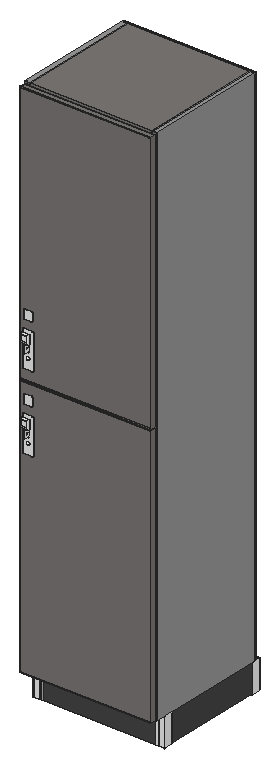
Revit family "Wood_Lockers_Hasps-Salsbury_Industries-18_42000_Series-1_Wide_Units", category Specialty Equipment, Revit 2026 (continued)
Definition of nested family "Wood Locker Side Panels-No Slope"
  Forms (in)
    Extrusion 2, solid, material <- "Laminate Surface", visible <- "Visible"
      sketch origin (0, -0.375, 0) x (1, 0, 0) y (0, 0, 1)
        loop
          line (-11.8125, 72) -> (-11.8125, 0) -> (11.8125, 0) -> (11.8125, 72) -> (-11.8125, 72)
      from -0.031 to 0
    Extrusion 3, solid, material <- "Laminate Surface", visible <- "Visible"
      sketch origin (0, 0, 0) x (1, 0, 0) y (0, 0, 1)
        loop
          line (-11.8125, 0) -> (11.8125, 0) -> (11.8125, 72) -> (-11.8125, 72) -> (-11.8125, 0)
        loop
          line (-11.7815, 0.031) -> (11.7815, 0.031) -> (11.7815, 71.969) -> (-11.7815, 71.969) -> (-11.7815, 0.031)
      from -0.375 to 0.344
  Dimensions and locks (in)
    equal spacing: plane 6 "Left Side", plane 3 "Center (Left/Right)", plane 7 "Right Side"
    plane 5 "Front" to plane 1 "Center (Front/Back)" to plane 4 "Back" = 0.375", 0.375"
    "Width": plane 6 "Left Side" to plane 7 "Right Side"
    "Depth": plane 5 "Front" to plane 4 "Back"
    equal spacing: plane 9 "Top", plane 10 "Center Elevation", plane 8 "Bottom"
    "Height": plane 9 "Top" to plane 8 "Bottom"
    locked: plane 5 "Front" to plane 11 "Wood - Laminate Edge" at 0.031
    locked: plane 15 "Bottom of Wood" to plane 8 "Bottom" at 0.031
    locked: plane 12 "Right Side of Wood" to plane 7 "Right Side" at 0.031
    locked: plane 6 "Left Side" to plane 13 "Left Side of Wood" at 0.031
    locked: plane 9 "Top" to plane 14 "Top of Wood" at 0.031
    aligned and locked: level to plane 2
    aligned and locked: Extrusion 2 sketch curve to plane 7 "Right Side"
    aligned and locked: plane 8 "Bottom" to Extrusion 2 sketch curve
    aligned and locked: plane 6 "Left Side" to Extrusion 2 sketch curve
    aligned and locked: plane 9 "Top" to Extrusion 2 sketch curve
    aligned and locked: Extrusion 3 to plane 4 "Back"
    aligned and locked: plane 11 "Wood - Laminate Edge" to Extrusion 3
  Automatic sketch dimensions
    plane 13 "Left Side of Wood" to Extrusion 1 sketch curve = 0.000"
    plane 12 "Right Side of Wood" to Extrusion 1 sketch curve = 0.000"
    Extrusion 1 sketch curve to plane 15 "Bottom of Wood" = 0.000"
    Extrusion 1 sketch curve to plane 14 "Top of Wood" = 0.000"
    plane 13 "Left Side of Wood" to Extrusion 3 sketch curve = 0.000"
    Extrusion 3 sketch curve to level = 0.000"
    plane 13 "Left Side of Wood" to Extrusion 3 sketch curve = 0.031"
    plane 12 "Right Side of Wood" to Extrusion 3 sketch curve = 0.000"
    plane 7 "Right Side" to Extrusion 3 sketch curve = 0.000"
    Extrusion 3 sketch curve to plane 15 "Bottom of Wood" = 0.000"
    Extrusion 3 sketch curve to plane 14 "Top of Wood" = 0.000"
    Extrusion 3 sketch curve to plane 9 "Top" = 0.000"
Definition of nested family "Wood Locker Side Panels-With Slope"
  Parameters (values of type "44238 - 6' H for 24" D Lockers")
    Width = 23.625"
    Visible = yes
    Version = "1.0 (12/15/23)"
    Type Comments = "Side Panel for Premier Wood Lockers with Sloping Hood"
    Slope Height = 8.608"
    Model = "44238"
    Manufacturer = "Salsbury Industries"
    Laminate Surface = none
    Height = 72.153"
    Door Trim = none
    Description = "6' H for 24\" D Lockers"
    Depth = 0.750"
    Default Elevation = 0.000"
  Types (6): name | Width | Visible | Version | Type Comments | Slope Height | Model | Manufacturer | Height | Description
    (no name) | 23.625" | yes | "1.0 (12/15/23)" | "Side Panel for Premier Wood Lockers with Sloping Hood" | 8.608" | "44238" | "Salsbury Industries" | 72.153" | "6' H for 24\" D Lockers"
    44334 - 6' H  for 18" D Lockers | 17.625" | yes | "1.0 (12/15/23)" | "Side Panel for Premier Wood Lockers with Sloping Hood" | 6.806" | "44334" | "Salsbury Industries" | 72.062" | "6' H for 18\" D Lockers"
    44336 - 6' H for 21" D Lockers | 20.625" | yes | "1.0 (12/15/23)" | "Side Panel for Premier Wood Lockers with Sloping Hood" | 7.931" | "44336" | "Salsbury Industries" | 72.062" | "6' H for 21\" D Lockers"
    None | 14.625" | no | "" | "" | 5.681" | "" | "" | 72.062" | ""
    44339 - 6' H for 15" D Lockers | 14.625" | yes | "1.0 (12/15/23)" | "Side Panel for Premier Wood Lockers with Sloping Hood" | 5.681" | "44339" | "Salsbury Industries" | 72.062" | "6' H for 15\" D Lockers"
    44238 - 6' H for 24" D Lockers | 23.625" | yes | "1.0 (12/15/23)" | "Side Panel for Premier Wood Lockers with Sloping Hood" | 8.608" | "44238" | "Salsbury Industries" | 72.153" | "6' H for 24\" D Lockers"
  Reference planes (in)
    plane 1 "Center (Front/Back)": y = 0
    plane 2: z = 0
    plane 3 "Center (Left/Right)": x = 0
    plane 4 "Back": y = 0.375
    plane 5 "Front": y = -0.375
    plane 6 "Left Side": x = -11.8125
    plane 7 "Right Side": x = 11.8125
    plane 8 "Bottom": z = 0
    plane 9 "Top": z = 72.153
    plane 10 "Center Elevation": z = 36.0765
    plane 11 "Wood - Laminate Edge": y = -0.344
    plane 12 "Right Side of Wood": x = 11.7815
    plane 13 "Left Side of Wood": x = -11.7815
    plane 14 "Top of Wood": z = 72.028
    plane 15 "Bottom of Wood": z = 0.031
    plane 16: z = 80.761
    plane 17: z = 80.636
  Forms (in)
    Extrusion 1, solid, visible <- "Visible"
      sketch origin (0, 0.375, 0) x (1, 0, 0) y (0, 0, 1)
        loop
          line (-11.8125, 80.73) -> (-11.8125, 0) -> (11.7815, 0) -> (11.7815, 72.13387) -> (-11.8125, 80.73)
      from 0 to 0.719
    Extrusion 2, solid, material <- "Laminate Surface", visible <- "Visible"
      sketch origin (0, -0.375, 0) x (1, 0, 0) y (0, 0, 1)
        loop
          line (-11.8125, 0) -> (11.8125, 0) -> (11.8125, 72.153) -> (-11.8125, 80.761) -> (-11.8125, 0)
      from -0.031 to 0
    Extrusion 3, solid, material <- "Laminate Surface", visible <- "Visible"
      sketch origin (0, -0.375, 0) x (1, 0, 0) y (0, 0, 1)
        loop
          line (11.8125, 0) -> (11.8125, 72.153) -> (-11.8125, 80.761) -> (-11.8125, 80.73) -> (11.7815, 72.13387) -> (11.7815, 0) -> (11.8125, 0)
      from -0.031 to -0.75
  Dimensions and locks (in)
    equal spacing: plane 6 "Left Side", plane 3 "Center (Left/Right)", plane 7 "Right Side"
    plane 5 "Front" to plane 1 "Center (Front/Back)" to plane 4 "Back" = 0.375", 0.375"
    "Width": plane 6 "Left Side" to plane 7 "Right Side"
    "Depth": plane 5 "Front" to plane 4 "Back"
    equal spacing: plane 9 "Top", plane 10 "Center Elevation", plane 8 "Bottom"
    "Height": plane 9 "Top" to plane 8 "Bottom"
    locked: plane 5 "Front" to plane 11 "Wood - Laminate Edge" at 0.031
    locked: plane 15 "Bottom of Wood" to plane 8 "Bottom" at 0.031
    locked: plane 12 "Right Side of Wood" to plane 7 "Right Side" at 0.031
    locked: plane 6 "Left Side" to plane 13 "Left Side of Wood" at 0.031
    locked: plane 9 "Top" to plane 14 "Top of Wood" at 0.125
    "Slope Height": plane 16 to plane 9 "Top"
    locked: plane 16 to plane 17 at 0.125
    aligned and locked: level to plane 2
    aligned and locked: Extrusion 3 to plane 4 "Back"
    aligned and locked: plane 11 "Wood - Laminate Edge" to Extrusion 3
  Automatic sketch dimensions
    plane 6 "Left Side" to Extrusion 2 sketch curve = 0.000"
    plane 7 "Right Side" to Extrusion 2 sketch curve = 0.000"
    Extrusion 2 sketch curve to level = 0.000"
    Extrusion 2 sketch curve to plane 9 "Top" = 0.000"
    Extrusion 2 sketch curve to plane 16 = 0.000"
    Extrusion 1 sketch curve to level = 0.000"
    plane 6 "Left Side" to Extrusion 1 sketch curve = 0.000"
    plane 12 "Right Side of Wood" to Extrusion 1 sketch curve = 0.000"
    plane 9 "Top" to Extrusion 1 sketch curve = 0.01913"
    plane 6 "Left Side" to Extrusion 3 sketch curve = 0.000"
    plane 12 "Right Side of Wood" to Extrusion 3 sketch curve = 0.000"
    plane 7 "Right Side" to Extrusion 3 sketch curve = 0.000"
    Extrusion 3 sketch curve to level = 0.000"
    Extrusion 3 sketch curve to plane 9 "Top" = 0.000"
    Extrusion 3 sketch curve to plane 16 = 0.000"
    plane 9 "Top" to Extrusion 3 sketch curve = 0.01913"
    plane 16 to Extrusion 3 sketch curve = 0.031"
    plane 16 to Extrusion 1 sketch curve = 0.031"
Definition of nested family "Wood Locker Double Side Panels-No Slope"
  Parameters (values of type "44237DE - 6' H for 24"D Lockers")
    Width = 47.250"
    Visible = yes
    Version = "1.0 (12/15/23)"
    Type Comments = "Double End Panel for Premier Wood Lockers"
    Model = "44237DE"
    Manufacturer = "Salsbury Industries"
    Laminate Surface = none
    Height = 72.000"
    Door Trim = none
    Description = "For 6' H x 21\" D without Sloping Hood"
    Depth = 0.750"
    Default Elevation = 0.000"
  Types (6): name | Width | Visible | Version | Type Comments | Model | Manufacturer | Description
    (no name) | 47.250" | yes | "1.0 (12/15/23)" | "Double End Panel for Premier Wood Lockers" | "44237DE" | "Salsbury Industries" | "For 6' H x 21\" D without Sloping Hood"
    44330DE - 6' H for 15"D Lockers | 29.250" | yes | "1.0 (12/15/23)" | "Double End Panel for Premier Wood Lockers" | "44330DE" | "Salsbury Industries" | "For 6' H x 15\" D without Sloping Hood"
    44333DE - 6' H for 18" D Lockers | 35.250" | yes | "1.0 (12/15/23)" | "Double End Panel for Premier Wood Lockers" | "44333DE" | "Salsbury Industries" | "For 6' H x 18\" D without Sloping Hood"
    44335DE - 6' H for 21" D Lockers | 41.250" | yes | "1.0 (12/15/23)" | "Double End Panel for Premier Wood Lockers" | "44335DE" | "Salsbury Industries" | "For 6' H x 21\" D without Sloping Hood"
    None | 14.000" | no | "" | "" | "" | "" | ""
    44237DE - 6' H for 24"D Lockers | 47.250" | yes | "1.0 (12/15/23)" | "Double End Panel for Premier Wood Lockers" | "44237DE" | "Salsbury Industries" | "For 6' H x 21\" D without Sloping Hood"
  Reference planes (in)
    plane 1 "Center (Front/Back)": y = 0
    plane 2: z = 0
    plane 3 "Center (Left/Right)": x = 0
    plane 4 "Back": y = 0.375
    plane 5 "Front": y = -0.375
    plane 6 "Left Side": x = -23.625
    plane 7 "Right Side": x = 23.625
    plane 8 "Bottom": z = 0
    plane 9 "Top": z = 72
    plane 10 "Center Elevation": z = 36
    plane 11 "Wood - Laminate Edge": y = -0.344
    plane 12 "Right Side of Wood": x = 23.594
    plane 13 "Left Side of Wood": x = -23.594
    plane 14 "Top of Wood": z = 71.969
    plane 15 "Bottom of Wood": z = 0.031
  Forms (in)
    Extrusion 1, solid, visible <- "Visible"
      sketch origin (0, 0.375, 0) x (1, 0, 0) y (0, 0, 1)
        loop
          line (23.594, 71.969) -> (-23.594, 71.969) -> (-23.594, 0.031) -> (23.594, 0.031) -> (23.594, 71.969)
      from 0 to 0.719
    Extrusion 2, solid, material <- "Laminate Surface", visible <- "Visible"
      sketch origin (0, -0.375, 0) x (1, 0, 0) y (0, 0, 1)
        loop
          line (-23.625, 72) -> (-23.625, 0) -> (23.625, 0) -> (23.625, 72) -> (-23.625, 72)
      from -0.031 to 0
    Extrusion 3, solid, material <- "Laminate Surface", visible <- "Visible"
      sketch origin (0, 0, 0) x (1, 0, 0) y (0, 0, 1)
        loop
          line (-23.625, 0) -> (23.625, 0) -> (23.625, 72) -> (-23.625, 72) -> (-23.625, 0)
        loop
          line (23.594, 71.969) -> (-23.594, 71.969) -> (-23.594, 0.031) -> (23.594, 0.031) -> (23.594, 71.969)
      from -0.375 to 0.344
  Dimensions and locks (in)
    equal spacing: plane 6 "Left Side", plane 3 "Center (Left/Right)", plane 7 "Right Side"
    plane 5 "Front" to plane 1 "Center (Front/Back)" to plane 4 "Back" = 0.375", 0.375"
    "Width": plane 6 "Left Side" to plane 7 "Right Side"
    "Depth": plane 5 "Front" to plane 4 "Back"
    equal spacing: plane 9 "Top", plane 10 "Center Elevation", plane 8 "Bottom"
    "Height": plane 9 "Top" to plane 8 "Bottom"
    locked: plane 5 "Front" to plane 11 "Wood - Laminate Edge" at 0.031
    locked: plane 15 "Bottom of Wood" to plane 8 "Bottom" at 0.031
    plane 12 "Right Side of Wood" to plane 7 "Right Side" = 0.031"
    locked: plane 6 "Left Side" to plane 13 "Left Side of Wood" at 0.031
    locked: plane 9 "Top" to plane 14 "Top of Wood" at 0.031
    aligned and locked: level to plane 2
    aligned and locked: Extrusion 2 sketch curve to plane 8 "Bottom"
    aligned and locked: plane 6 "Left Side" to Extrusion 2 sketch curve
    aligned and locked: Extrusion 2 sketch curve to plane 7 "Right Side"
    aligned and locked: Extrusion 2 sketch curve to plane 9 "Top"
    aligned and locked: Extrusion 3 to plane 4 "Back"
    aligned and locked: plane 11 "Wood - Laminate Edge" to Extrusion 3
  Automatic sketch dimensions
    plane 13 "Left Side of Wood" to Extrusion 1 sketch curve = 0.000"
    plane 12 "Right Side of Wood" to Extrusion 1 sketch curve = 0.000"
    Extrusion 1 sketch curve to plane 15 "Bottom of Wood" = 0.000"
    Extrusion 1 sketch curve to plane 14 "Top of Wood" = 0.000"
    Extrusion 3 sketch curve to level = 0.000"
    plane 6 "Left Side" to Extrusion 3 sketch curve = 0.000"
    plane 7 "Right Side" to Extrusion 3 sketch curve = 0.000"
    Extrusion 3 sketch curve to plane 9 "Top" = 0.000"
    plane 13 "Left Side of Wood" to Extrusion 3 sketch curve = 0.000"
    Extrusion 3 sketch curve to plane 15 "Bottom of Wood" = 0.000"
    Extrusion 3 sketch curve to plane 14 "Top of Wood" = 0.000"
    plane 12 "Right Side of Wood" to Extrusion 3 sketch curve = 0.000"
Definition of nested family "Wood Locker Double Side Panels-With Slope"
  Parameters (values of type "44238DE - 6' H for 24"D Lockers")
    Width = 47.250"
    Visible = yes
    Version = "1.0 (12/15/23)"
    Type Comments = "Double End Panel for Premier Wood Lockers"
    Slope Height = 8.895"
    Model = "442386DE"
    Manufacturer = "Salsbury Industries"
    Laminate Surface = none
    Height = 72.153"
    Door Trim = none
    Description = "For 6' H x 21\" D Lockers with Sloping Hood"
    Depth = 0.750"
    Default Elevation = 0.000"
  Types (6): name | Width | Visible | Version | Type Comments | Slope Height | Model | Manufacturer | Height | Description
    (no name) | 47.250" | yes | "1.0 (12/15/23)" | "Double End Panel for Premier Wood Lockers" | 8.895" | "442386DE" | "Salsbury Industries" | 72.153" | "For 6' H x 21\" D Lockers with Sloping Hood"
    44339DE - 6' H for 15"D Lockers | 29.250" | yes | "1.0 (12/15/23)" | "Double End Panel for Premier Wood Lockers" | 5.681" | "44339DE" | "Salsbury Industries" | 72.062" | "For 6' H x 15\" D Lockers with Sloping Hood"
    44334DE - 6' H  for 18" D Lockers | 35.250" | yes | "1.0 (12/15/23)" | "Double End Panel for Premier Wood Lockers" | 6.806" | "44334DE" | "Salsbury Industries" | 72.062" | "For 6' H x 18\" D Lockers with Sloping Hood"
    44336DE - 6' H for 21" D Lockers | 41.250" | yes | "1.0 (12/15/23)" | "Double End Panel for Premier Wood Lockers" | 7.931" | "44336DE" | "Salsbury Industries" | 72.062" | "For 6' H x 21\" D Lockers with Sloping Hood"
    None | 14.000" | no | "" | "" | 5.500" | "" | "" | 72.000" | ""
    44238DE - 6' H for 24"D Lockers | 47.250" | yes | "1.0 (12/15/23)" | "Double End Panel for Premier Wood Lockers" | 8.895" | "442386DE" | "Salsbury Industries" | 72.153" | "For 6' H x 21\" D Lockers with Sloping Hood"
  Reference planes (in)
    plane 1 "Center (Front/Back)": y = 0
    plane 2: z = 0
    plane 3 "Center (Left/Right)": x = 0
    plane 4 "Back": y = 0.375
    plane 5 "Front": y = -0.375
    plane 6 "Left Side": x = -23.625
    plane 7 "Right Side": x = 23.625
    plane 8 "Bottom": z = 0
    plane 9 "Top": z = 72.153
    plane 10 "Center Elevation": z = 36.0765
    plane 11 "Wood - Laminate Edge": y = -0.344
    plane 12 "Right Side of Wood": x = 23.594
    plane 13 "Left Side of Wood": x = -23.594
    plane 14 "Top of Wood": z = 72.028
    plane 15 "Bottom of Wood": z = 0.125
    plane 16: z = 81.048
    plane 17: z = 81.017
  Forms (in)
    Extrusion 1, solid, visible <- "Visible"
      sketch origin (0, 0.375, 0) x (1, 0, 0) y (0, 0, 1)
        loop
          line (23.594, 72.122) -> (0, 81.017) -> (-23.594, 72.122) -> (-23.594, 0) -> (23.594, 0) -> (23.594, 72.122)
      from 0 to 0.719
    Extrusion 2, solid, material <- "Laminate Surface", visible <- "Visible"
      sketch origin (0, -0.375, 0) x (1, 0, 0) y (0, 0, 1)
        loop
          line (23.625, 0) -> (23.625, 72.153) -> (0, 81.048) -> (-23.625, 72.153) -> (-23.625, 0) -> (23.625, 0)
      from -0.031 to 0
    Extrusion 3, solid, material <- "Laminate Surface", visible <- "Visible"
      sketch origin (0, 0.375, 0) x (1, 0, 0) y (0, 0, 1)
        loop
          line (23.625, 0) -> (23.625, 72.153) -> (0, 81.048) -> (-23.625, 72.153) -> (-23.625, 0) -> (-23.594, 0) -> (-23.594, 72.122) -> (0, 81.017) -> (23.594, 72.122) -> (23.594, 0) -> (23.625, 0)
      from 0 to 0.719
  Dimensions and locks (in)
    equal spacing: plane 6 "Left Side", plane 3 "Center (Left/Right)", plane 7 "Right Side"
    plane 5 "Front" to plane 1 "Center (Front/Back)" to plane 4 "Back" = 0.375", 0.375"
    "Width": plane 6 "Left Side" to plane 7 "Right Side"
    "Depth": plane 5 "Front" to plane 4 "Back"
    equal spacing: plane 9 "Top", plane 10 "Center Elevation", plane 8 "Bottom"
    "Height": plane 9 "Top" to plane 8 "Bottom"
    locked: plane 5 "Front" to plane 11 "Wood - Laminate Edge" at 0.031
    locked: plane 15 "Bottom of Wood" to plane 8 "Bottom" at 0.125
    locked: plane 12 "Right Side of Wood" to plane 7 "Right Side" at 0.031
    locked: plane 6 "Left Side" to plane 13 "Left Side of Wood" at 0.031
    locked: plane 9 "Top" to plane 14 "Top of Wood" at 0.125
    "Slope Height": plane 16 to plane 9 "Top"
    locked: plane 16 to plane 17 at 0.031
    aligned and locked: level to plane 2
    aligned and locked: Extrusion 3 to plane 4 "Back"
    aligned and locked: plane 11 "Wood - Laminate Edge" to Extrusion 3
  Automatic sketch dimensions
    plane 6 "Left Side" to Extrusion 2 sketch curve = 0.000"
    Extrusion 2 sketch curve to plane 3 "Center (Left/Right)" = 0.000"
    plane 7 "Right Side" to Extrusion 2 sketch curve = 0.000"
    Extrusion 2 sketch curve to level = 0.000"
    Extrusion 2 sketch curve to plane 9 "Top" = 0.000"  (x2)
    Extrusion 2 sketch curve to plane 16 = 0.000"
    Extrusion 1 sketch curve to level = 0.000"
    plane 13 "Left Side of Wood" to Extrusion 1 sketch curve = 0.000"
    Extrusion 1 sketch curve to plane 3 "Center (Left/Right)" = 0.000"
    plane 12 "Right Side of Wood" to Extrusion 1 sketch curve = 0.000"
    Extrusion 1 sketch curve to plane 17 = 0.000"
    plane 9 "Top" to Extrusion 1 sketch curve = 0.031"  (x2)
    Extrusion 3 sketch curve to level = 0.000"  (x2)
    plane 6 "Left Side" to Extrusion 3 sketch curve = 0.000"
    plane 13 "Left Side of Wood" to Extrusion 3 sketch curve = 0.000"
    Extrusion 3 sketch curve to plane 3 "Center (Left/Right)" = 0.000"  (x2)
    plane 12 "Right Side of Wood" to Extrusion 3 sketch curve = 0.000"
    plane 7 "Right Side" to Extrusion 3 sketch curve = 0.000"
    Extrusion 3 sketch curve to plane 9 "Top" = 0.000"  (x2)
    plane 9 "Top" to Extrusion 3 sketch curve = 0.031"  (x2)
    Extrusion 3 sketch curve to plane 17 = 0.000"
    Extrusion 3 sketch curve to plane 16 = 0.000"
Definition of nested family "Wood Locker Front Fillers"
  Parameters (values of type "44467 - 15" W for 6'H Lockers without Base")
    Width = 15.000"
    Visible Base = no
    Visible = yes
    Version = "1.0 (12/15/23)"
    Type Comments = "Front Vertical Filler for Premier Wood Lockers"
    Model = "44467"
    Manufacturer = "Salsbury Industries"
    Laminate Surface = none
    Height = 72.000"
    Description = "For 6' H Lockers"
    Depth = 0.750"
    Default Elevation = 0.000"
    Base Material = none
    Base Height = 0.000"
  Types (3): name | Width | Visible | Version | Type Comments | Model | Manufacturer | Description | Base Height
    None | 15.000" | no | "" | "" | "" | "" | "" | 4.000"
    44467 - 15" W for 6'H Lockers without Base | 15.000" | yes | "1.0 (12/15/23)" | "Front Vertical Filler for Premier Wood Lockers" | "44467" | "Salsbury Industries" | "For 6' H Lockers" | 0.000"
    44469 - 9" W for 6' H Lockers without Base | 9.000" | yes | "1.0 (12/15/23)" | "Front Vertical Filler for Premier Wood Lockers" | "44469" | "Salsbury Industries" | "For 6' H Lockers" | 0.000"
  Reference planes (in)
    plane 1 "Center (Front/Back)": y = 0
    plane 2: z = 0
    plane 3 "Center (Left/Right)": x = 0
    plane 4 "Back": y = 0.375
    plane 5 "Front": y = -0.375
    plane 6 "Left Side": x = -7.5
    plane 7 "Right Side": x = 7.5
    plane 8 "Bottom": z = 0
    plane 9 "Top": z = 72
    plane 10 "Center Elevation": z = 36
    plane 11 "Wood - Laminate Edge": y = -0.344
    plane 12 "Right Side of Wood": x = 7.375
    plane 13 "Left Side of Wood": x = -7.375
    plane 14 "Top of Wood": z = 71.875
    plane 15 "Bottom of Wood": z = 0.125
    plane 16 "Front of Base Filler": y = 1
  Forms (in)
    Extrusion 1, solid, visible <- "Visible"
      sketch origin (0, 0.375, 0) x (1, 0, 0) y (0, 0, 1)
        loop
          line (7.5, 72) -> (-7.5, 72) -> (-7.5, 0) -> (7.5, 0) -> (7.5, 72)
      from 0 to 0.719
    Extrusion 2, solid, material <- "Laminate Surface", visible <- "Visible"
      sketch origin (0, -0.375, 0) x (1, 0, 0) y (0, 0, 1)
        loop
          line (-7.5, 72) -> (-7.5, 0) -> (7.5, 0) -> (7.5, 72) -> (-7.5, 72)
      from -0.031 to 0
    Extrusion 3, solid, material <- "Base Material", visible <- "Visible Base"
      sketch origin (0, 0, 0) x (1, 0, 0) y (0, 1, 0)
        loop
          line (-7.5, 1.75) -> (-7.5, 0.375) -> (7.5, 0.375) -> (7.5, 1.75) -> (-7.5, 1.75)
      from 0 to 0.75
    Extrusion 4, solid, material <- "Base Material", visible <- "Visible Base"
      sketch origin (0, 0, 0) x (1, 0, 0) y (0, 1, 0)
        loop
          line (-7.5, 1.75) -> (-7.5, 1) -> (7.5, 1) -> (7.5, 1.75) -> (-7.5, 1.75)
      from 0 to -4
  Dimensions and locks (in)
    equal spacing: plane 6 "Left Side", plane 3 "Center (Left/Right)", plane 7 "Right Side"
    plane 5 "Front" to plane 1 "Center (Front/Back)" to plane 4 "Back" = 0.375", 0.375"
    "Width": plane 6 "Left Side" to plane 7 "Right Side"
    "Depth": plane 5 "Front" to plane 4 "Back"
    equal spacing: plane 9 "Top", plane 10 "Center Elevation", plane 8 "Bottom"
    locked: plane 5 "Front" to plane 11 "Wood - Laminate Edge" at 0.031
    locked: plane 15 "Bottom of Wood" to plane 8 "Bottom" at 0.125
    locked: plane 12 "Right Side of Wood" to plane 7 "Right Side" at 0.125
    locked: plane 6 "Left Side" to plane 13 "Left Side of Wood" at 0.125
    locked: plane 9 "Top" to plane 14 "Top of Wood" at 0.125
    locked: plane 5 "Front" to plane 16 "Front of Base Filler" at 1.375
    "Base Height": plane 8 "Bottom" to plane 2
    "Height": plane 9 "Top" to plane 8 "Bottom"
    aligned and locked: level to plane 2
    aligned and locked: plane 8 "Bottom" to Extrusion 1
  Automatic sketch dimensions
    plane 6 "Left Side" to Extrusion 1 sketch curve = 0.000"
    plane 7 "Right Side" to Extrusion 1 sketch curve = 0.000"
    level to Extrusion 1 sketch curve = 0.000"
    Extrusion 1 sketch curve to plane 9 "Top" = 0.000"
    plane 6 "Left Side" to Extrusion 2 sketch curve = 0.000"
    plane 7 "Right Side" to Extrusion 2 sketch curve = 0.000"
    plane 15 "Bottom of Wood" to Extrusion 2 sketch curve = 0.125"
    Extrusion 2 sketch curve to plane 9 "Top" = 0.000"
    plane 4 "Back" to Extrusion 3 sketch curve = 0.000"
    Extrusion 3 sketch curve to plane 6 "Left Side" = 0.000"
    Extrusion 3 sketch curve to plane 7 "Right Side" = 0.000"
    Extrusion 3 sketch curve to plane 16 "Front of Base Filler" = 0.750"
    Extrusion 4 sketch curve to plane 6 "Left Side" = 0.000"
    Extrusion 4 sketch curve to plane 7 "Right Side" = 0.000"
    plane 16 "Front of Base Filler" to Extrusion 4 sketch curve = 0.000"
    Extrusion 4 sketch curve to plane 16 "Front of Base Filler" = 0.750"
Definition of nested family "Wood Locker Front Corner Filler"
  Parameters (values of type "44464 - for 6' H Lockers with Base")
    Width = 2.250"
    Visible Base = yes
    Visible = yes
    Version = "1.0 (12/15/23)"
    Type Comments = "Front Vertical Corner Filler for Designer Wood Lockers"
    Primary Structure Materials = none
    Model = "44464"
    Manufacturer = "Salsbury Industries"
    Laminate Surface = none
    Height = 72.000"
    Description = "For 6' H Lockers"
    Depth = 0.750"
    Default Elevation = 0.000"
    Base Primary Materials = none
    Base Height = 4.000"
  Types (3): name | Visible Base | Visible | Version | Type Comments | Model | Manufacturer | Description | Base Height
    None | no | no | "" | "" | "" | "" | "" | 4.000"
    44464 - for 6'H Lockers without Base | no | yes | "1.0 (12/15/23)" | "Front Vertical Corner Filler for Designer Wood Lockers" | "44464" | "Salsbury Industries" | "For 6' H Lockers" | 0.000"
    44464 - for 6' H Lockers with Base | yes | yes | "1.0 (12/15/23)" | "Front Vertical Corner Filler for Designer Wood Lockers" | "44464" | "Salsbury Industries" | "For 6' H Lockers" | 4.000"
  Reference planes (in)
    plane 1 "Center (Front/Back)": y = 0
    plane 2 "Bottom of Base": z = 0
    plane 3 "Center (Left/Right)": x = 0
    plane 4 "Back": y = 0.375
    plane 5 "Front": y = -0.375
    plane 6 "Left Side": x = -1.125
    plane 7 "Right Side": x = 1.125
    plane 8 "Bottom": z = 4
    plane 9 "Top": z = 76
    plane 10 "Center Elevation": z = 40
    plane 11 "Wood - Laminate Edge": y = -0.344
    plane 12 "Right Side of Wood": x = 1
    plane 13 "Left Side of Wood": x = -1
    plane 14 "Top of Wood": z = 75.875
    plane 15 "Bottom of Wood": z = 4.125
    plane 16 "Front of Base Filler": y = 1
  Forms (in)
    Extrusion 1, solid, material <- "Primary Structure Materials", visible <- "Visible"
      sketch origin (0, 0.375, 0) x (1, 0, 0) y (0, 0, 1)
        loop
          line (1.125, 76) -> (-1.156, 76) -> (-1.156, 4) -> (1.125, 4) -> (1.125, 76)
      from 0 to 0.719
    Extrusion 2, solid, material <- "Laminate Surface", visible <- "Visible"
      sketch origin (0, -0.375, 0) x (1, 0, 0) y (0, 0, 1)
        loop
          line (-1.125, 76) -> (-1.125, 4) -> (1.125, 4) -> (1.125, 76) -> (-1.125, 76)
      from -0.031 to 0
    Extrusion 3, solid, material <- "Primary Structure Materials", visible <- "Visible"
      sketch origin (-1.875, -1.5, 0) x (0, 1, 0) y (0, 0, 1)
        loop
          line (1.875, 76) -> (-1.125, 76) -> (-1.125, 4) -> (1.875, 4) -> (1.875, 76)
      from 0 to 0.719
    Extrusion 4, solid, material <- "Laminate Surface", visible <- "Visible"
      sketch origin (-1.125, -1.5, 0) x (0, 1, 0) y (0, 0, 1)
        loop
          line (-1.125, 76) -> (-1.125, 4) -> (1.156, 4) -> (1.156, 76) -> (-1.125, 76)
      from -0.031 to 0
    Extrusion 5, solid, material <- "Base Primary Materials", visible <- "Visible Base"
      sketch origin (0, 0, 0) x (1, 0, 0) y (0, 1, 0)
        loop
          line (-3.25, 1.75) -> (-3.25, -2.625) -> (-1.875, -2.625) -> (-1.875, 1.75) -> (-3.25, 1.75)
      from 4 to 4.75
    Extrusion 6, solid, material <- "Base Primary Materials", visible <- "Visible Base"
      sketch origin (0, 0, 0) x (1, 0, 0) y (0, 1, 0)
        loop
          line (-1.875, 1.75) -> (-1.875, 0.375) -> (1.125, 0.375) -> (1.125, 1.75) -> (-1.875, 1.75)
      from 4 to 4.75
    Extrusion 7, solid, material <- "Base Primary Materials", visible <- "Visible Base"
      sketch origin (0, 0, 0) x (1, 0, 0) y (0, 1, 0)
        loop
          line (1.125, 1.75) -> (-2.43407, 1.75) -> (-2.43407, 1) -> (1.125, 1) -> (1.125, 1.75)
      from 0 to 4
    Extrusion 8, solid, material <- "Base Primary Materials", visible <- "Visible Base"
      sketch origin (0, 0, 0) x (1, 0, 0) y (0, 1, 0)
        loop
          line (-3.25, 1.75) -> (-3.25, -2.625) -> (-2.43407, -2.625) -> (-2.43407, 1.75) -> (-3.25, 1.75)
      from 0 to 4
  Dimensions and locks (in)
    equal spacing: plane 6 "Left Side", plane 3 "Center (Left/Right)", plane 7 "Right Side"
    plane 5 "Front" to plane 1 "Center (Front/Back)" to plane 4 "Back" = 0.375", 0.375"
    "Width": plane 6 "Left Side" to plane 7 "Right Side"
    "Depth": plane 5 "Front" to plane 4 "Back"
    equal spacing: plane 9 "Top", plane 10 "Center Elevation", plane 8 "Bottom"
    "Height": plane 9 "Top" to plane 8 "Bottom"
    locked: plane 5 "Front" to plane 11 "Wood - Laminate Edge" at 0.031
    locked: plane 15 "Bottom of Wood" to plane 8 "Bottom" at 0.125
    locked: plane 12 "Right Side of Wood" to plane 7 "Right Side" at 0.125
    locked: plane 6 "Left Side" to plane 13 "Left Side of Wood" at 0.125
    locked: plane 9 "Top" to plane 14 "Top of Wood" at 0.125
    locked: plane 5 "Front" to plane 16 "Front of Base Filler" at 1.375
    "Base Height": plane 8 "Bottom" to plane 2 "Bottom of Base"
    aligned and locked: level to plane 2 "Bottom of Base"
    aligned and locked: plane 8 "Bottom" to Extrusion 1
    aligned and locked: Extrusion 7 to Extrusion 5
    aligned and locked: Extrusion 8 to Extrusion 5
    aligned and locked: Extrusion 7 to Extrusion 8
  Automatic sketch dimensions
    Extrusion 1 sketch curve to plane 9 "Top" = 0.000"
    Extrusion 1 sketch curve to plane 8 "Bottom" = 0.000"
    plane 7 "Right Side" to Extrusion 1 sketch curve = 0.000"
    plane 6 "Left Side" to Extrusion 1 sketch curve = 0.031"
    plane 6 "Left Side" to Extrusion 2 sketch curve = 0.000"
    plane 7 "Right Side" to Extrusion 2 sketch curve = 0.000"
    Extrusion 2 sketch curve to plane 8 "Bottom" = 0.000"
    Extrusion 2 sketch curve to plane 9 "Top" = 0.000"
    plane 9 "Top" to Extrusion 3 sketch curve = 0.000"
    plane 8 "Bottom" to Extrusion 3 sketch curve = 0.000"
    Extrusion 3 sketch curve to plane 4 "Back" = 0.000"
    plane 5 "Front" to Extrusion 3 sketch curve = 2.250"
    plane 8 "Bottom" to Extrusion 4 sketch curve = 0.000"
    plane 9 "Top" to Extrusion 4 sketch curve = 0.000"
    Extrusion 4 sketch curve to plane 11 "Wood - Laminate Edge" = 0.000"
    plane 5 "Front" to Extrusion 4 sketch curve = 2.250"
    plane 6 "Left Side" to Extrusion 5 sketch curve = 2.125"
    plane 6 "Left Side" to Extrusion 5 sketch curve = 0.750"
    plane 5 "Front" to Extrusion 5 sketch curve = 2.250"
    Extrusion 5 sketch curve to plane 16 "Front of Base Filler" = 0.750"
    plane 16 "Front of Base Filler" to Extrusion 7 sketch curve = 0.000"
    Extrusion 7 sketch curve to plane 7 "Right Side" = 0.000"
    plane 6 "Left Side" to Extrusion 7 sketch curve = 1.30907"
    Extrusion 7 sketch curve to plane 16 "Front of Base Filler" = 0.750"
    plane 6 "Left Side" to Extrusion 8 sketch curve = 2.125"
    Extrusion 8 sketch curve to Extrusion 8 sketch curve = 0.81593"
    plane 5 "Front" to Extrusion 8 sketch curve = 2.250"
    Extrusion 8 sketch curve to plane 16 "Front of Base Filler" = 0.750"
    plane 4 "Back" to Extrusion 6 sketch curve = 0.000"
    Extrusion 6 sketch curve to plane 7 "Right Side" = 0.000"
    plane 6 "Left Side" to Extrusion 6 sketch curve = 0.750"
    Extrusion 6 sketch curve to plane 16 "Front of Base Filler" = 0.750"
Definition of nested family "Wood Locker Sloping In-Line Fillers"
  Parameters (values of type "44489 - 15" W for 24" D Lockers")
    Width = 15.000"
    Visible = yes
    Version = "1.0 (12/15/23)"
    Type Comments = "Sloping Hood In-Line Filler for Premier Wood Lockers"
    Model = "44489"
    Manufacturer = "Salsbury Industries"
    Laminate Surface = none
    Height = 9.118"
    Description = "For 24\" D Lockers"
    Depth = 23.625"
    Default Elevation = 0.000"
  Types (10): name | Width | Visible | Version | Type Comments | Model | Manufacturer | Height | Description | Depth
    (no name) | 15.000" | yes | "1.0 (12/15/23)" | "Sloping Hood In-Line Filler for Premier Wood Lockers" | "44489" | "Salsbury Industries" | 9.118" | "For 24\" D Lockers" | 23.625"
    44487 - 15" W for 15" D Lockers | 15.000" | yes | "1.0 (12/15/23)" | "Sloping Hood In-Line Filler for Premier Wood Lockers" | "44487" | "Salsbury Industries" | 5.743" | "For 15\" D Lockers" | 14.625"
    44488 - 15" W for 18" D Lockers | 15.000" | yes | "1.0 (12/15/23)" | "Sloping Hood In-Line Filler for Premier Wood Lockers" | "44488" | "Salsbury Industries" | 6.868" | "For 18\" D Lockers" | 17.625"
    44481 - 15" W for 21" D Lockers | 15.000" | yes | "1.0 (12/15/23)" | "Sloping Hood In-Line Filler for Premier Wood Lockers" | "44481" | "Salsbury Industries" | 7.993" | "For 21\" D Lockers" | 20.625"
    None | 12.000" | no | "" | "" | "" | "" | 5.500" | "" | 14.000"
    44489 - 15" W for 24" D Lockers | 15.000" | yes | "1.0 (12/15/23)" | "Sloping Hood In-Line Filler for Premier Wood Lockers" | "44489" | "Salsbury Industries" | 9.118" | "For 24\" D Lockers" | 23.625"
    44488 - 9" W for 18" D Lockers | 9.000" | yes | "1.0 (12/15/23)" | "Sloping Hood In-Line Filler for Premier Wood Lockers" | "44488" | "Salsbury Industries" | 6.868" | "For 18\" D Lockers" | 17.625"
    44487 - 9" W for 15" D Lockers | 9.000" | yes | "1.0 (12/15/23)" | "Sloping Hood In-Line Filler for Premier Wood Lockers" | "44487" | "Salsbury Industries" | 5.743" | "For 15\" D Lockers" | 14.625"
    44481 - 9" W for 21" D Lockers | 9.000" | yes | "1.0 (12/15/23)" | "Sloping Hood In-Line Filler for Premier Wood Lockers" | "44481" | "Salsbury Industries" | 7.993" | "For 21\" D Lockers" | 20.625"
    44489 - 9" W for 24" D Lockers | 9.000" | yes | "1.0 (12/15/23)" | "Sloping Hood In-Line Filler for Premier Wood Lockers" | "44489" | "Salsbury Industries" | 9.118" | "For 24\" D Lockers" | 23.625"
  Reference planes (in)
    plane 1 "Center (Front/Back)": y = 0
    plane 2: z = 0
    plane 3 "Center (Left/Right)": x = 0
    plane 4 "Front of Hood": y = -11.8125
    plane 5 "Back of Hood": y = 11.8125
    plane 6 "Right Side of Hood": x = 7.5
    plane 7 "Left Side of Hood": x = -7.5
    plane 8 "Bottom of Hood": z = 0
    plane 9 "Top of Hood": z = 9.118
    plane 10: x = 6.75
    plane 11: x = -6.75
    plane 12: y = -11.7815
    plane 13: y = -11.0625
    plane 14: z = 9.087
    plane 15: z = 8.368
    plane 16: z = 0.062
    plane 17: z = 0.75
  Forms (in)
    Extrusion 1, solid, visible <- "Visible"
      sketch origin (0, 0, 0) x (0, 1, 0) y (0, 0, 1)
        loop
          line (-9.97273, 0) -> (11.8125, 8.368) -> (11.8125, 9.087) -> (-11.73269, 0.062) -> (-11.7815, 0.062) -> (-11.7815, 0) -> (-9.97273, 0)
      from -7.5 to 7.5
    Extrusion 2, solid, material <- "Laminate Surface", visible <- "Visible"
      sketch origin (0, 0, 0) x (0, 1, 0) y (0, 0, 1)
        loop
          line (-11.8125, 0.062) -> (-11.8125, 0) -> (-11.7815, 0) -> (-11.7815, 0.062) -> (-11.8125, 0.062)
      from -7.5 to 7.5
    Extrusion 3, solid, material <- "Laminate Surface", visible <- "Visible"
      sketch origin (0, 0, 0) x (0, 1, 0) y (0, 0, 1)
        loop
          line (11.8125, 9.118) -> (-11.8125, 0.062) -> (-11.73269, 0.062) -> (11.8125, 9.087) -> (11.8125, 9.118)
      from -7.5 to 7.5
  Dimensions and locks (in)
    equal spacing: plane 7 "Left Side of Hood", plane 3 "Center (Left/Right)", plane 6 "Right Side of Hood"
    "Width": plane 7 "Left Side of Hood" to plane 6 "Right Side of Hood"
    equal spacing: plane 4 "Front of Hood", plane 1 "Center (Front/Back)", plane 5 "Back of Hood"
    "Depth": plane 4 "Front of Hood" to plane 5 "Back of Hood"
    "Height": plane 9 "Top of Hood" to plane 8 "Bottom of Hood"
    plane 7 "Left Side of Hood" to plane 11 = 0.750"
    plane 10 to plane 6 "Right Side of Hood" = 0.750"
    plane 4 "Front of Hood" to plane 12 to plane 13 = 0.031" locked, 0.719" locked
    plane 15 to plane 14 to plane 9 "Top of Hood" = 0.719" locked, 0.031" locked
    locked: plane 16 to plane 8 "Bottom of Hood" at 0.062
    locked: plane 17 to plane 8 "Bottom of Hood" at 0.75
    aligned and locked: level to plane 2
    aligned and locked: Extrusion 1 to plane 6 "Right Side of Hood"
    aligned and locked: plane 7 "Left Side of Hood" to Extrusion 1
    aligned and locked: plane 7 "Left Side of Hood" to Extrusion 3
    aligned and locked: Extrusion 3 to plane 6 "Right Side of Hood"
    aligned and locked: Extrusion 2 to plane 6 "Right Side of Hood"
    aligned and locked: plane 7 "Left Side of Hood" to Extrusion 2
  Automatic sketch dimensions
    Extrusion 2 sketch curve to level = 0.000"
    Extrusion 2 sketch curve to plane 4 "Front of Hood" = 0.000"
    Extrusion 2 sketch curve to plane 12 = 0.000"
    plane 16 to Extrusion 2 sketch curve = 0.000"
    Extrusion 3 sketch curve to plane 4 "Front of Hood" = 0.000"
    plane 16 to Extrusion 3 sketch curve = 0.000"
    Extrusion 3 sketch curve to plane 5 "Back of Hood" = 0.000"
    plane 14 to Extrusion 3 sketch curve = 0.000"
    plane 9 "Top of Hood" to Extrusion 3 sketch curve = 0.000"
    Extrusion 3 sketch curve to plane 12 = 0.04881"
    Extrusion 1 sketch curve to level = 0.000"
    Extrusion 1 sketch curve to plane 12 = 0.000"
    plane 16 to Extrusion 1 sketch curve = 0.000"
    Extrusion 1 sketch curve to plane 5 "Back of Hood" = 0.000"
    plane 15 to Extrusion 1 sketch curve = 0.000"
    plane 14 to Extrusion 1 sketch curve = 0.000"
    Extrusion 1 sketch curve to plane 13 = 1.08977"
    Extrusion 1 sketch curve to plane 12 = 0.04881"
Definition of nested family "Wood Locker Flat In-Line Fillers"
  Parameters (values of type "44448 - 15" W for 18" D Lockers")
    Width = 15.000"
    Visible = yes
    Version = "1.0 (12/15/23)"
    Type Comments = "Flat Top In-Line Filler for Premier Wood Lockers"
    Model = "44448"
    Manufacturer = "Salsbury Industries"
    Laminate Surface = none
    Height = 0.750"
    Description = "For 18\" D Lockers"
    Depth = 16.875"
    Default Elevation = 0.000"
  Types (10): name | Width | Visible | Version | Type Comments | Model | Manufacturer | Description | Depth
    (no name) | 15.000" | yes | "1.0 (12/15/23)" | "Flat Top In-Line Filler for Premier Wood Lockers" | "44448" | "Salsbury Industries" | "For 18\" D Lockers" | 16.875"
    44447 - 15" W for 15" D Lockers | 15.000" | yes | "1.0 (12/15/23)" | "Flat Top In-Line Filler for Premier Wood Lockers" | "44447" | "Salsbury Industries" | "For 15\" D Lockers" | 13.875"
    44448 - 15" W for 18" D Lockers | 15.000" | yes | "1.0 (12/15/23)" | "Flat Top In-Line Filler for Premier Wood Lockers" | "44448" | "Salsbury Industries" | "For 18\" D Lockers" | 16.875"
    44441 - 15" W for 21" D Lockers | 15.000" | yes | "1.0 (12/15/23)" | "Flat Top In-Line Filler for Premier Wood Lockers" | "44441" | "Salsbury Industries" | "For 21\" D Lockers" | 19.875"
    None | 15.000" | no | "" | "" | "" | "" | "" | 13.250"
    44448 - 9" W for 18" D Lockers | 9.000" | yes | "1.0 (12/15/23)" | "Flat Top In-Line Filler for Premier Wood Lockers" | "44448" | "Salsbury Industries" | "For 18\" D Lockers" | 16.875"
    44447 - 9" W for 15" D Lockers | 9.000" | yes | "1.0 (12/15/23)" | "Flat Top In-Line Filler for Premier Wood Lockers" | "44447" | "Salsbury Industries" | "For 15\" D Lockers" | 13.875"
    44441 - 9" W for 21" D Lockers | 9.000" | yes | "1.0 (12/15/23)" | "Flat Top In-Line Filler for Premier Wood Lockers" | "44441" | "Salsbury Industries" | "For 21\" D Lockers" | 19.875"
    44449 - 15" W for 24" D Lockers | 15.000" | yes | "1.0 (12/15/23)" | "Flat Top In-Line Filler for Premier Wood Lockers" | "44449" | "Salsbury Industries" | "For 24\" D Lockers" | 22.875"
    44449 - 9" W for 24" D Lockers | 9.000" | yes | "1.0 (12/15/23)" | "Flat Top In-Line Filler for Premier Wood Lockers" | "44449" | "Salsbury Industries" | "For 24\" D Lockers" | 22.875"
  Reference planes (in)
    plane 1 "Center (Front/Back)": y = 0
    plane 2: z = 0
    plane 3 "Center (Left/Right)": x = 0
    plane 4 "Right Side": x = 7.5
    plane 5 "Left Side": x = -7.5
    plane 6 "Front Side": y = -8.4375
    plane 7 "Back Side": y = 8.4375
    plane 8 "Bottom": z = 0
    plane 9 "Top Side": z = 0.75
    plane 10 "Wood - Laminate Line": z = 0.719
  Forms (in)
    Extrusion 1, solid, visible <- "Visible"
      sketch origin (0, 0, 0) x (0, -1, 0) y (1, 0, 0)
        loop
          line (-8.4375, -7.5) -> (8.4375, -7.5) -> (8.4375, 7.5) -> (-8.4375, 7.5) -> (-8.4375, -7.5)
      from 0 to 0.719
    Extrusion 2, solid, material <- "Laminate Surface", visible <- "Visible"
      sketch origin (0, 0, 0.75) x (1, 0, 0) y (0, 1, 0)
        loop
          line (-7.5, -8.4375) -> (7.5, -8.4375) -> (7.5, 8.4375) -> (-7.5, 8.4375) -> (-7.5, -8.4375)
      from -0.031 to 0
  Dimensions and locks (in)
    equal spacing: plane 6 "Front Side", plane 1 "Center (Front/Back)", plane 7 "Back Side"
    equal spacing: plane 5 "Left Side", plane 3 "Center (Left/Right)", plane 4 "Right Side"
    "Width": plane 5 "Left Side" to plane 4 "Right Side"
    "Depth": plane 6 "Front Side" to plane 7 "Back Side"
    "Height": plane 9 "Top Side" to plane 8 "Bottom"
    locked: plane 9 "Top Side" to plane 10 "Wood - Laminate Line" at 0.031
    aligned and locked: level to plane 2
  Automatic sketch dimensions
    Extrusion 1 sketch curve to plane 4 "Right Side" = 0.000"
    plane 7 "Back Side" to Extrusion 1 sketch curve = 0.000"
    Extrusion 1 sketch curve to plane 5 "Left Side" = 0.000"
    plane 6 "Front Side" to Extrusion 1 sketch curve = 0.000"
    Extrusion 2 sketch curve to plane 5 "Left Side" = 0.000"
    plane 4 "Right Side" to Extrusion 2 sketch curve = 0.000"
    plane 6 "Front Side" to Extrusion 2 sketch curve = 0.000"
    Extrusion 2 sketch curve to plane 7 "Back Side" = 0.000"
Definition of nested family "Wood Locker Fascia Fillers"
  Parameters (values of type "44462 - for 3-Wide Units")
    Width = 36.000"
    Visible = yes
    Type Comments = "Front Fascia Filler for Premier Wood Lockers"
    Model = "44462"
    Manufacturer = "Salsbury Industries"
    Laminate Surface = none
    Height = 4.000"
    Description = "4' W for Standard Designer Lockers"
    Depth = 0.750"
    Default Elevation = 0.000"
  Types (4): name | Width | Visible | Type Comments | Model | Manufacturer | Description
    (no name) | 36.000" | yes | "Front Fascia Filler for Premier Wood Lockers" | "44462" | "Salsbury Industries" | "4' W for Standard Designer Lockers"
    44462 - for 1-Wide Units | 12.000" | yes | "Front Fascia Filler for Premier Wood Lockers" | "44462" | "Salsbury Industries" | "4' W for Standard Designer Lockers"
    None | 12.000" | no | "" | "" | "" | ""
    44462 - for 3-Wide Units | 36.000" | yes | "Front Fascia Filler for Premier Wood Lockers" | "44462" | "Salsbury Industries" | "4' W for Standard Designer Lockers"
  Reference planes (in)
    plane 1 "Center (Front/Back)": y = 0
    plane 2: z = 0
    plane 3 "Center (Left/Right)": x = 0
    plane 4 "Back": y = 0.375
    plane 5 "Front": y = -0.375
    plane 6 "Left Side": x = -18
    plane 7 "Right Side": x = 18
    plane 8 "Bottom": z = 0
    plane 9 "Top": z = 4
    plane 10 "Center Elevation": z = 2
    plane 11 "Wood - Laminate Edge": y = -0.344
    plane 12 "Right Side of Wood": x = 17.875
    plane 13 "Left Side of Wood": x = -17.875
    plane 14 "Top of Wood": z = 3.875
    plane 15 "Bottom of Wood": z = 0.125
    plane 16 "Base Bottom": z = 0
    plane 17 "Front of Base Filler": y = 1
  Forms (in)
    Extrusion 1, solid, visible <- "Visible"
      sketch origin (0, 0.375, 0) x (1, 0, 0) y (0, 0, 1)
        loop
          line (18, 4) -> (-18, 4) -> (-18, 0) -> (18, 0) -> (18, 4)
      from 0 to 0.719
    Extrusion 2, solid, material <- "Laminate Surface", visible <- "Visible"
      sketch origin (0, -0.375, 0) x (1, 0, 0) y (0, 0, 1)
        loop
          line (-18, 4) -> (-18, 0) -> (18, 0) -> (18, 4) -> (-18, 4)
      from -0.031 to 0
  Dimensions and locks (in)
    equal spacing: plane 6 "Left Side", plane 3 "Center (Left/Right)", plane 7 "Right Side"
    plane 5 "Front" to plane 1 "Center (Front/Back)" to plane 4 "Back" = 0.375", 0.375"
    "Width": plane 6 "Left Side" to plane 7 "Right Side"
    "Depth": plane 5 "Front" to plane 4 "Back"
    equal spacing: plane 9 "Top", plane 10 "Center Elevation", plane 8 "Bottom"
    "Height": plane 9 "Top" to plane 8 "Bottom"
    locked: plane 5 "Front" to plane 11 "Wood - Laminate Edge" at 0.031
    locked: plane 15 "Bottom of Wood" to plane 8 "Bottom" at 0.125
    locked: plane 12 "Right Side of Wood" to plane 7 "Right Side" at 0.125
    locked: plane 6 "Left Side" to plane 13 "Left Side of Wood" at 0.125
    locked: plane 9 "Top" to plane 14 "Top of Wood" at 0.125
    locked: plane 5 "Front" to plane 17 "Front of Base Filler" at 1.375
    aligned and locked: level to plane 2
    aligned and locked: Extrusion 1 to plane 8 "Bottom"
  Automatic sketch dimensions
    plane 6 "Left Side" to Extrusion 1 sketch curve = 0.000"
    plane 7 "Right Side" to Extrusion 1 sketch curve = 0.000"
    level to Extrusion 1 sketch curve = 0.000"
    Extrusion 1 sketch curve to plane 9 "Top" = 0.000"
    plane 6 "Left Side" to Extrusion 2 sketch curve = 0.000"
    plane 7 "Right Side" to Extrusion 2 sketch curve = 0.000"
    plane 15 "Bottom of Wood" to Extrusion 2 sketch curve = 0.125"
    Extrusion 2 sketch curve to plane 9 "Top" = 0.000"
Types (7): name | Version | Unit Height including Sloping Hood Only | Unit Height including Base Only | Sloping Hood Height | Overall Unit Height including Base and Sloping Hood | Model | Flat Top In-Line Filler - Right Side | Description | Depth | Compartment Depth | Base Height | Base Depth | Base
  (no name) | "1.0 (01/31/24)" | 78.868" | 76.000" | 6.868" | 82.868" | "18-42168" | Wood Locker Flat In-Line Fillers : None | "1 Wide - 6 Feet High - 18 inches Deep - with Base" | 18.000" | 16.750" | 4.000" | 16.250" | Wood Locker Bases : Base - 18" W x 18" D Lockers
  18-42164 | "1.0 (01/31/24)" | 81.118" | 76.000" | 9.118" | 85.118" | "18-42164" | Wood Locker Flat In-Line Fillers : None | "1 Wide - 6 Feet High - 24 inches Deep - with Base" | 24.000" | 22.750" | 4.000" | 22.250" | Wood Locker Bases : Base - 18" W x 24" D Lockers
  18-42164 - without Base | "1.0  (01/31/24)" | 81.118" | 72.000" | 9.118" | 81.118" | "18-42164 without Base" | Wood Locker Sloping In-Line Fillers : None | "1 Wide - 6 Feet High - 24 inches Deep - without Base" | 24.000" | 22.750" | 0.000" | 22.250" | Wood Locker Bases : None
  18-42168 | "1.0 (01/31/24)" | 78.868" | 76.000" | 6.868" | 82.868" | "18-42168" | Wood Locker Flat In-Line Fillers : None | "1 Wide - 6 Feet High - 18 inches Deep - with Base" | 18.000" | 16.750" | 4.000" | 16.250" | Wood Locker Bases : Base - 18" W x 18" D Lockers
  18-42168 - without Base | "1.0 (01/31/24)" | 78.868" | 72.000" | 6.868" | 78.868" | "18-42168 without Base" | Wood Locker Sloping In-Line Fillers : None | "1 Wide - 6 Feet High - 18 inches Deep - without Base" | 18.000" | 16.750" | 0.000" | 16.250" | Wood Locker Bases : None
  18-42161 | "1.0 (01/31/24)" | 79.993" | 76.000" | 7.993" | 83.993" | "18-42161" | Wood Locker Flat In-Line Fillers : None | "1 Wide - 6 Feet High - 21 inches Deep - with Base" | 21.000" | 19.750" | 4.000" | 19.250" | Wood Locker Bases : Base - 18" W x 21" D Lockers
  18-42161 - without Base | "1.0 (01/31/24)" | 79.993" | 72.000" | 7.993" | 79.993" | "18-42161 without Base" | Wood Locker Sloping In-Line Fillers : None | "1 Wide - 6 Feet High - 21 inches Deep - without Base" | 21.000" | 19.750" | 0.000" | 19.250" | Wood Locker Bases : None
